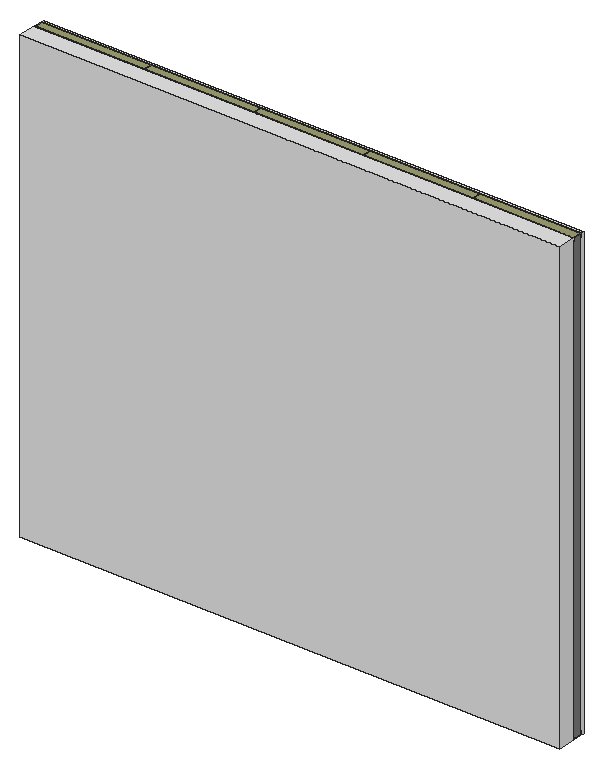
Revit family "Wall system Fibre Cementboard - Rigislab (STC 60_Uvalue 0.45) - new", category Structural Stiffeners, Revit 2020
Family settings
  OmniClass Number = 23.25.30.11.27
  OmniClass Title = Vibration and Earthquake Controls
  Cut with Voids When Loaded = No
  Shared = No
Parameters (values of type "STC 51(Cement board)")
  U-Value (W/m2k) = "0.45"
  U Value Report = ""
  Type of Insulation = "Glass Mineral Wool Semi-rigid slab"
  Total System Thickness-mm = 88 mm
  Thermal R Value = 1.4
  Thermal K Value = 0.348
  System Description = "1. Cementboard-12mm\r\n2. Ecowool Rigislab 50mm x 20kg/m3\r\n3. Stud 64mm \r\n4. Cementboard-12mm"
  Sustainability - Same documentation for all selection = ""
  SubW [instance] = roundup([built-in parameter 1001306] / 609 mm) * 609 mm  # 3045 mm
  SubL [instance] = if([built-in parameter 1001306] > 1218 mm, No Insulation * 609 mm, if([built-in parameter 1001306] > 609 mm, 609 mm, if([built-in parameter 1001306] > 0 mm, 0 mm, No Insulation * 609 mm))) + 1 mm  # 2437 mm
  STC in dB = 60
  STC Report = ""
  STC No = "60"
  Remarks = "Recommended for drywall partition applications where some acoustic performance\r\nare required. Such as office & commercial environment"
  No Metal Stud [instance] = ([built-in parameter 1001306] / [Metal Stud Spacer (mm)])  # 5
  No Insulation [instance] = roundup(SubW / 609 mm) - 1  # 4
  Metal Stud Width = 50 mm
  Metal Stud Spacer (mm) = 609 mm
  Material Specification = "Ecowool Brownie RigiSlab"
  Manufacturer = "PGF Insulation Sdn. Bhd."
  MSDS = ""
  built-in parameter 1001306 [instance] = 3000 mm
  Insulation Length (mm) = 609 mm
  Insulation Thickness (mm) = 50 mm
  Installation and Workmanship- Same for all the system = ""
  Height Wall (mm) = 2500 mm
  Handling and Storage- Same for all system = ""
  Gypsum Thickness (mm) = 12 mm
  Finish = BROWNIE RigiSlab
  FAQ- Same for all System = ""
  ECOWOOL Product thickness in mm = "50"
  Description = "Ecowool Rigislab is semi-rigid or rigid slabs of non-combustible, water repellent, glass mineral wool. They are designed to suit standard dry wall, ensuring a closed joint with adjacent slabs."
  Density = 20.00 kg/m³
  Board Material = Cement Board
  Board 2 = no
  Board 1 = yes
  AutoCad Drawing = ""
Reference planes
  plane 1 "Center (Front/Back)": y = -12.5
  plane 2: z = 0
  plane 3 "Left": x = 0
  plane 4 "Right": x = 3000
  plane 5: z = 2500
  plane 6: x = 2437
  plane 7: x = 3046
Forms (mm)
  Extrusion 1, solid, material "BROWNIE RigiSlab" <- "Finish"
    sketch origin (0, 0, 0) x (1, 0, 0) y (0, 1, 0)
      loop
        line (2437, 12.5) -> (2437, -37.5) -> (3046, -37.5) -> (3046, 12.5) -> (2437, 12.5)
    from 0 to 2500
  Extrusion 2, void
    sketch origin (0, 0, 0) x (1, 0, 0) y (0, 1, 0)
      loop
        line (2999, 12.5) -> (2999, -37.5) -> (3046, -37.5) -> (3046, 12.5) -> (2999, 12.5)
    from -45.694 to 2779.923
Cuts and joins
  Extrusion 2 cuts Extrusion 1
Lines and regions (mm)
  reference lines
    curve 1: line (0, -12.5, 0) -> (3000, -12.5, 0)
Dimensions and locks
  "built-in parameter 1001306": plane 3 "Left" to plane 4 "Right"
  "Height Wall (mm)": plane 5 to level
  equal spacing: group 1, group 2, group 3, group 4, group 5  (x3)
  "Metal Stud Spacer (mm)": plane 3 "Left" to nested 3
  "SubL": plane 3 "Left" to plane 6
  locked: plane 6 to plane 7 at 609
  equal spacing: Extrusion 1 sketch curve, plane 1 "Center (Front/Back)", Extrusion 1 sketch curve
  "Insulation Thickness (mm)": Extrusion 1 sketch curve to Extrusion 1 sketch curve
  equal spacing: Extrusion 1, plane 1 "Center (Front/Back)", Extrusion 2 sketch curve
  "Insulation Thickness (mm)": Extrusion 2 sketch curve to Extrusion 2 sketch curve
  locked: Extrusion 2 sketch curve to plane 4 "Right" at 1
  plane 4 "Right" to plane 7 = 46 mm
  plane 6 to plane 4 "Right" = 563 mm
  equal spacing: group 6, group 7, group 8, group 9  (x3)
  equal spacing: Extrusion 2 sketch curve, Extrusion 2 sketch curve, nested 1
  aligned and locked: plane 4 "Right" to curve 1
  aligned and locked: plane 1 "Center (Front/Back)" to curve 1
  aligned and locked: plane 3 "Left" to curve 1
  aligned and locked: plane 3 "Left" to nested 1
  aligned and locked: plane 4 "Right" to nested 1
  aligned and locked: plane 5 to nested 2
  aligned and locked: plane 3 "Left" to nested 6
  aligned and locked: nested 8 to plane 4 "Right"
  aligned and locked: plane 1 "Center (Front/Back)" to nested 1
  aligned and locked: plane 1 "Center (Front/Back)" to nested 2
  aligned and locked: plane 1 "Center (Front/Back)" to nested 6
  aligned and locked: nested 8 to plane 1 "Center (Front/Back)"
  aligned and locked: nested 10 to nested 2
  aligned and locked: plane 1 "Center (Front/Back)" to nested 10
  aligned and locked: plane 7 to Extrusion 1 sketch curve
  aligned and locked: Extrusion 1 sketch curve to plane 6
  aligned and locked: plane 5 to Extrusion 1
  aligned and locked: Extrusion 1 to level
Automatic sketch dimensions
  Extrusion 2 sketch curve to plane 7 = 0 mm
Nested families
  nested 1: "Gypsum Plasterboard" at (0, -12.5, 0), type "Gypsum Plasterboard"
    with built-in parameter 1001306 3000 mm, Cement Board 2 no
  nested 2: "Metal Stud" at (0, -12.5, 0), type "Metal Stud"
  nested 3: "Metal Stud" at (609, -12.5, 0), type "Metal Stud"
  nested 4: "Metal Stud" at (1218, -12.5, 0), type "Metal Stud"
  nested 5: "Metal Stud" at (1827, -12.5, 0), type "Metal Stud"
  nested 6: "Metal Runner" at (0, -12.5, 0), type "Metal Runner"
    with Metal Runner Width 50 mm, Length Metal Runner 3000 mm
  nested 7: "Metal Runner" at (0, -12.5, 2500) x (1, 0, 0) z (0, 0, -1), type "Metal Runner"
    with Metal Runner Width 50 mm, Length Metal Runner 3000 mm
  nested 8: "Metal Stud" at (3000, -12.5, 0) x (-1, 0, 0) z (0, 0, 1), type "Metal Stud"
  nested 9: "Metal Stud" at (2436, -12.5, 0), type "Metal Stud"
  nested 10: "Insulation Brownie" at (1, -12.5, 0), type "Insulation Brownie"
    with Thickness Insulation 50 mm
  nested 11: "Insulation Brownie" at (610, -12.5, 0), type "Insulation Brownie"
    with Thickness Insulation 50 mm
  nested 12: "Insulation Brownie" at (1219, -12.5, 0), type "Insulation Brownie"
    with Thickness Insulation 50 mm
  nested 13: "Insulation Brownie" at (1828, -12.5, 0), type "Insulation Brownie"
    with Thickness Insulation 50 mm
Definition of nested family "Gypsum Plasterboard"
  Parameters (values of type "Gypsum Plasterboard")
    Platerboard (inner Layer) = 16 mm
    Plaster Board Solid = 100 mm
    Manufacturer = "Rockwool"
    built-in parameter 1001306 [instance] = 1200 mm
    Insulation Width = 50 mm
    Height Wall = 2500 mm
    Gypsum Thickness = 12 mm
    Description = "Double layers wall system - Rigislab 5020"
    Cement Board 2 = yes
    Cement Board 1 = yes
    Board Type = none
  Reference planes
    plane 1 "Center (Front/Back)": y = 0
    plane 2: z = 0
    plane 3 "Left": x = 0
    plane 4 "Right": x = 1200
    plane 5: y = 25
    plane 6: y = -25
    plane 7: z = 2500
  Forms (mm)
    Sweep 1, solid, material <- "Board Type", visible <- "Cement Board 1"
      path origin (0, 0, 0) x (1, 0, 0) y (0, -1, 0)
        loop
          line (0, 0) -> (1200, 0)
      profile origin (600, 0, 0) x (0, 1, 0) y (0, 0, 1)
        loop
          line (25, 2500) -> (25, 0) -> (41, 0) -> (41, 2500) -> (25, 2500)
    Sweep 2, solid, material <- "Board Type", visible <- "Cement Board 2"
      path origin (0, 16, 0) x (1, 0, 0) y (0, -1, 0)
        loop
          line (0, 2.5) -> (1200, 2.5)
      profile origin (600, 13.5, 0) x (0, 1, 0) y (0, 0, 1)
        loop
          line (27.5, 2500) -> (27.5, 0) -> (39.5, 0) -> (39.5, 2500) -> (27.5, 2500)
    Sweep 3, solid, material <- "Board Type", visible <- "Cement Board 1"
      path origin (0, 0, 0) x (1, 0, 0) y (0, 1, 0)
        loop
          line (0, 0) -> (1200, 0)
      profile origin (600, 0, 0) x (0, 1, 0) y (0, 0, 1)
        loop
          line (-25, 2500) -> (-125, 2500) -> (-125, 0) -> (-25, 0) -> (-25, 2500)
  Lines and regions (mm)
    reference lines
      curve 1: line (0, 0, 0) -> (1200, 0, 0)
  Dimensions and locks
    "built-in parameter 1001306": plane 3 "Left" to plane 4 "Right"
    "Insulation Width": plane 6 to plane 5
    "Height Wall": level to plane 7
    "built-in parameter 1001306": Sweep 1 sketch curve to Sweep 1 sketch curve
    "Platerboard (inner Layer)": Sweep 1 sketch curve to Sweep 1 sketch curve
    "built-in parameter 1001306": Sweep 2 sketch curve to Sweep 2 sketch curve
    "Gypsum Thickness": Sweep 2 sketch curve to Sweep 2 sketch curve
    equal spacing: plane 6, plane 1 "Center (Front/Back)", plane 5
    "built-in parameter 1001306": Sweep 3 sketch curve to Sweep 3 sketch curve
    "Plaster Board Solid": Sweep 3 sketch curve to Sweep 3 sketch curve
    aligned and locked: plane 4 "Right" to curve 1
    aligned and locked: plane 1 "Center (Front/Back)" to curve 1
    aligned and locked: plane 3 "Left" to curve 1
    aligned and locked: plane 5 to Sweep 1
    aligned and locked: Sweep 2 to Sweep 2
    aligned and locked: Sweep 1 sketch curve to plane 7
    aligned and locked: Sweep 2 sketch curve to plane 7
    aligned and locked: Sweep 2 to Sweep 1
    aligned and locked: Sweep 3 sketch curve to plane 6
  Automatic sketch dimensions
    plane 1 "Center (Front/Back)" to Sweep 1 sketch curve = 0 mm
    Sweep 1 sketch curve to plane 3 "Left" = 0 mm
    Sweep 1 sketch curve to level = 0 mm
    Sweep 1 sketch curve to profile plane = 25 mm
    Sweep 2 sketch curve to plane 3 "Left" = 0 mm
    Sweep 2 sketch curve to plane 5 = 11.5 mm
    Sweep 2 sketch curve to level = 0 mm
    Sweep 2 sketch curve to profile plane = 27.5 mm
    plane 1 "Center (Front/Back)" to Sweep 3 sketch curve = 0 mm
    Sweep 3 sketch curve to plane 3 "Left" = 0 mm
    Sweep 3 sketch curve to level = 0 mm
    Sweep 3 sketch curve to Sweep 3 sketch curve = 2500 mm
Definition of nested family "Metal Stud"
  Parameters (values of type "Metal Stud")
    Metal Stud Width = 50 mm
    Height = 2500 mm
  Reference planes
    plane 1 "Center (Front/Back)": y = 0
    plane 2: z = 0
    plane 3 "Center (Left/Right)": x = 0
    plane 4 "Center L/S": y = 25
    plane 5 "Center L/T": y = -25
    plane 6: z = 1
    plane 7: z = 2500
    plane 8: z = 2499
  Forms (mm)
    Extrusion 1, solid
      sketch origin (0, 0, 0) x (1, 0, 0) y (0, 1, 0)
        loop
          line (0, 25) -> (0, -25) -> (20, -25) -> (20, -24) -> (1, -24) -> (1, 24) -> (20, 24) -> (20, 25) -> (0, 25)
      from 1 to 2499
  Dimensions and locks
    Extrusion 1 sketch curve to Extrusion 1 sketch curve = 1 mm  (x3)
    locked: plane 8 to plane 7 at 1
    plane 1 "Center (Front/Back)" to Extrusion 1 = 25 mm
    "Height": plane 7 to level
    "Metal Stud Width": plane 5 "Center L/T" to plane 4 "Center L/S"
    equal spacing: plane 5 "Center L/T", plane 1 "Center (Front/Back)", plane 4 "Center L/S"
    locked: plane 6 to plane 2 at 1
    aligned and locked: plane 4 "Center L/S" to Extrusion 1
    aligned and locked: plane 5 "Center L/T" to Extrusion 1
    aligned and locked: plane 3 "Center (Left/Right)" to Extrusion 1
    aligned and locked: Extrusion 1 to plane 6
    aligned and locked: plane 8 to Extrusion 1
  Automatic sketch dimensions
    Extrusion 1 sketch curve to plane 3 "Center (Left/Right)" = 0 mm
    plane 4 "Center L/S" to Extrusion 1 sketch curve = 0 mm
    plane 5 "Center L/T" to Extrusion 1 sketch curve = 0 mm
    Extrusion 1 sketch curve to Extrusion 1 sketch curve = 19 mm  (x2)
Definition of nested family "Metal Runner"
  Parameters (values of type "Metal Runner")
    Metal Runner Width = 48 mm
    Length Metal Runner = 2460 mm
    Default Elevation = 1219.2 mm
  Reference planes
    plane 1 "Center (Front/Back)": y = 0
    plane 2: z = 0
    plane 3 "Center (Left/Right)": x = 0
    plane 4 "Center L/S": y = 24
    plane 5 "Center L/T": y = -24
  Forms (mm)
    Extrusion 1, solid
      sketch origin (0, 0, 0) x (0, 1, 0) y (0, 0, 1)
        loop
          line (24, 0) -> (24, 20) -> (23, 20) -> (23, 1) -> (-23, 1) -> (-23, 20) -> (-24, 20) -> (-24, 0) -> (24, 0)
      from 0 to 2460
  Dimensions and locks
    "Metal Runner Width": plane 5 "Center L/T" to plane 4 "Center L/S"
    equal spacing: plane 5 "Center L/T", plane 1 "Center (Front/Back)", plane 4 "Center L/S"
    Extrusion 1 sketch curve to Extrusion 1 sketch curve = 1 mm  (x3)
    "Length Metal Runner": Extrusion 1 to Extrusion 1
    aligned and locked: plane 4 "Center L/S" to Extrusion 1 sketch curve
    aligned and locked: Extrusion 1 sketch curve to level
    aligned and locked: plane 5 "Center L/T" to Extrusion 1 sketch curve
  Automatic sketch dimensions
    Extrusion 1 sketch curve to Extrusion 1 sketch curve = 19 mm  (x2)
Definition of nested family "Insulation Brownie"
  Parameters (values of type "Insulation Brownie")
    Thickness Insulation = 75 mm
    Length of Insulation = 609 mm
    Height of Insulation = 2500 mm
    Finish = none
  Reference planes
    plane 1 "Center (Front/Back)": y = 0
    plane 2: z = 0
    plane 3 "Center (Left/Right)": x = 0
    plane 4: z = 2500
    plane 5: y = 37.5
    plane 6: y = -37.5
  Forms (mm)
    Sweep 1, solid, material <- "Finish"
      path origin (0, 0, 0) x (1, 0, 0) y (0, 1, 0)
        loop
          line (0, 0) -> (609, 0)
      profile origin (304.5, 0, 0) x (0, 1, 0) y (0, 0, 1)
        loop
          line (37.5, 2500) -> (-37.5, 2500) -> (-37.5, 0) -> (37.5, 0) -> (37.5, 2500)
  Dimensions and locks
    "Length of Insulation": Sweep 1 sketch curve to Sweep 1 sketch curve
    "Height of Insulation": plane 4 to level
    equal spacing: plane 5, plane 1 "Center (Front/Back)", plane 6
    "Thickness Insulation": plane 5 to plane 6
    aligned and locked: plane 3 "Center (Left/Right)" to Sweep 1 sketch curve
    aligned and locked: plane 5 to Sweep 1 sketch curve
    aligned and locked: Sweep 1 sketch curve to plane 6
  Automatic sketch dimensions
    plane 1 "Center (Front/Back)" to Sweep 1 sketch curve = 0 mm
    Sweep 1 sketch curve to level = 0 mm
    Sweep 1 sketch curve to plane 4 = 0 mm
